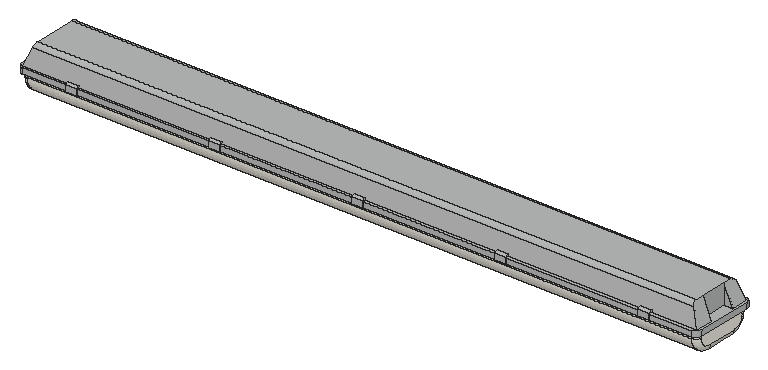
Revit family "SLIM", category Осветительные приборы, Revit 2019 (continued)
Types (5, lengths in mm): name | Файл фотометрической сетки | built-in parameter 1150142 | ADSK_Обозначение | ADSK_Наименование | ADSK_Код изделия
  CSVT SLIM-38/опал  (IP65, 5000К ) c БАП на 1 час. | "Светильник SLIM-38-opal.ies" | "IESNA:LM-63-95\r\n[TEST] Протокол № 50\r\n[DATA] 17.06.2016\r\n[MORE] \r\n[MANUFAC] ЗАО \"Центрстройсвет\"\r\n[LUMCAT]  Светильник OPERLUX-34/PRISMA-(588x588) \r\n[LUMINAIRE]\r\n[LAMPCAT] Светодиоды\r\n[LAMP] Поток источника света (светодиодов) не известен\r\n[MORE] КСС приведена в абсолютных величинах кд\r\n[MORE] Вместо потока лампы, указан поток светильника.\r\nTILT=NONE\r\n1    3050 1.0 37 73 1 2 0.588 0.588 0.08\r\n1.0 1.0 34\r\n0.0 5.0 10.0 15.0 20.0 25.0 30.0 35.0 40.0 45.0 50.0 55.0 60.0 65.0 70.0 75.0 80.0 85.0 90.0 95.0 100.0 105.0 110.0 115.0 120.0 125.0 130.0 135.0 140.0 145.0 150.0 155.0 160.0 165.0 170.0 175.0 180.0\r\n0.0 5.0 10.0 15.0 20.0 25.0 30.0 35.0 40.0 45.0 50.0 55.0 60.0 65.0 70.0 75.0 80.0 85.0 90.0 95.0 100.0 105.0 110.0 115.0 120.0 125.0 130.0 135.0 140.0 145.0 150.0 155.0 160.0 165.0 170.0 175.0 180.0 185.0 190.0 195.0 200.0 205.0 210.0 215.0 220.0 225.0 230.0 235.0 240.0 245.0 250.0 255.0 260.0 265.0 270.0 275.0 280.0 285.0 290.0 295.0 300.0 305.0 310.0 315.0 320.0 325.0 330.0 335.0 340.0 345.0 350.0 355.0 360.0\r\n1367.8 1364.1 1339.9 1310.7 1251.0 1171.4 1077.9 956.5 826.9 709.2 591.4 468.7 352.2 267.2 190.7 130.0 88.6 43.5 5.5 0.0 0.0 0.0 0.0 0.0 0.0 0.0 0.0 0.0 0.0 0.0 0.0 0.0 0.0 0.0 0.0 0.0 0.0\r\n1367.8 1365.7 1344.6 1309.2 1251.5 1175.2 1073.4 954.2 830.4 711.2 594.6 469.5 356.0 268.7 191.9 132.6 89.9 43.9 6.3 0.0 0.0 0.0 0.0 0.0 0.0 0.0 0.0 0.0 0.0 0.0 0.0 0.0 0.0 0.0 0.0 0.0 0.0\r\n1367.8 1367.4 1347.2 1302.8 1251.5 1178.6 1078.4 958.6 835.1 714.0 597.2 474.3 359.6 268.7 192.7 135.6 92.1 44.3 6.9 0.0 0.0 0.0 0.0 0.0 0.0 0.0 0.0 0.0 0.0 0.0 0.0 0.0 0.0 0.0 0.0 0.0 0.0\r\n1367.8 1368.2 1346.2 1303.1 1250.1 1177.1 1081.4 960.9 838.1 716.2 597.6 475.0 358.6 266.4 190.9 134.8 91.7 44.9 7.0 0.0 0.0 0.0 0.0 0.0 0.0 0.0 0.0 0.0 0.0 0.0 0.0 0.0 0.0 0.0 0.0 0.0 0.0\r\n1367.8 1367.7 1343.5 1306.2 1256.1 1180.0 1081.0 961.6 838.1 714.0 595.7 473.1 356.8 262.2 188.3 132.8 89.3 43.7 6.6 0.0 0.0 0.0 0.0 0.0 0.0 0.0 0.0 0.0 0.0 0.0 0.0 0.0 0.0 0.0 0.0 0.0 0.0\r\n1367.8 1366.2 1344.8 1309.0 1256.2 1184.6 1080.4 962.6 836.8 714.8 593.8 469.6 354.4 260.1 184.9 130.4 88.4 44.2 6.5 0.0 0.0 0.0 0.0 0.0 0.0 0.0 0.0 0.0 0.0 0.0 0.0 0.0 0.0 0.0 0.0 0.0 0.0\r\n1367.8 1364.3 1347.6 1312.1 1259.9 1177.4 1078.5 968.2 849.1 721.6 596.0 467.2 355.0 257.4 183.3 127.1 87.5 45.4 6.5 0.0 0.0 0.0 0.0 0.0 0.0 0.0 0.0 0.0 0.0 0.0 0.0 0.0 0.0 0.0 0.0 0.0 0.0\r\n1367.8 1363.3 1348.8 1312.0 1262.8 1181.2 1077.4 968.8 853.2 730.0 597.2 466.8 353.5 256.9 181.1 124.8 87.2 45.9 6.9 0.0 0.0 0.0 0.0 0.0 0.0 0.0 0.0 0.0 0.0 0.0 0.0 0.0 0.0 0.0 0.0 0.0 0.0\r\n1367.8 1364.0 1350.3 1308.2 1255.9 1182.2 1079.9 969.0 856.0 734.3 601.1 468.4 352.6 254.4 178.0 121.7 85.5 45.0 6.9 0.0 0.0 0.0 0.0 0.0 0.0 0.0 0.0 0.0 0.0 0.0 0.0 0.0 0.0 0.0 0.0 0.0 0.0\r\n1367.8 1364.9 1349.2 1313.0 1259.2 1178.2 1076.4 970.7 860.9 740.8 606.9 469.1 350.2 254.0 175.6 117.8 83.6 43.4 6.7 0.0 0.0 0.0 0.0 0.0 0.0 0.0 0.0 0.0 0.0 0.0 0.0 0.0 0.0 0.0 0.0 0.0 0.0\r\n1367.8 1365.0 1348.6 1315.3 1261.5 1184.1 1082.6 973.9 862.8 745.2 607.9 469.0 350.5 253.1 173.2 116.2 81.4 42.4 6.5 0.0 0.0 0.0 0.0 0.0 0.0 0.0 0.0 0.0 0.0 0.0 0.0 0.0 0.0 0.0 0.0 0.0 0.0\r\n1367.8 1364.4 1347.9 1315.3 1258.7 1186.3 1085.9 970.5 862.2 747.0 613.0 468.8 350.2 252.8 173.4 116.6 79.8 40.9 6.7 0.0 0.0 0.0 0.0 0.0 0.0 0.0 0.0 0.0 0.0 0.0 0.0 0.0 0.0 0.0 0.0 0.0 0.0\r\n1367.8 1363.4 1347.0 1308.3 1258.6 1184.3 1089.8 973.9 867.7 742.3 606.2 467.0 350.0 252.6 175.4 119.1 79.8 42.1 7.1 0.0 0.0 0.0 0.0 0.0 0.0 0.0 0.0 0.0 0.0 0.0 0.0 0.0 0.0 0.0 0.0 0.0 0.0\r\n1367.8 1362.6 1348.4 1308.2 1261.4 1190.2 1088.3 978.6 869.6 744.0 601.1 462.4 350.2 253.6 175.9 123.0 83.5 45.3 7.8 0.0 0.0 0.0 0.0 0.0 0.0 0.0 0.0 0.0 0.0 0.0 0.0 0.0 0.0 0.0 0.0 0.0 0.0\r\n1367.8 1362.3 1347.3 1311.1 1262.3 1191.1 1093.6 982.5 872.1 746.6 597.2 461.1 348.8 251.4 176.3 127.6 89.2 48.5 7.9 0.0 0.0 0.0 0.0 0.0 0.0 0.0 0.0 0.0 0.0 0.0 0.0 0.0 0.0 0.0 0.0 0.0 0.0\r\n1367.8 1362.5 1345.8 1316.1 1260.6 1190.3 1096.8 982.6 873.3 743.8 593.1 456.4 347.2 250.6 175.7 130.9 94.2 51.8 9.3 0.0 0.0 0.0 0.0 0.0 0.0 0.0 0.0 0.0 0.0 0.0 0.0 0.0 0.0 0.0 0.0 0.0 0.0\r\n1367.8 1363.2 1345.2 1315.5 1267.1 1195.5 1096.1 995.9 871.3 740.3 589.0 455.0 342.8 246.9 174.2 131.9 97.1 52.4 10.1 0.0 0.0 0.0 0.0 0.0 0.0 0.0 0.0 0.0 0.0 0.0 0.0 0.0 0.0 0.0 0.0 0.0 0.0\r\n1367.8 1364.5 1346.0 1317.2 1264.0 1194.7 1102.6 991.8 873.9 736.2 584.7 454.3 338.6 243.0 171.3 130.1 99.3 53.7 9.5 0.0 0.0 0.0 0.0 0.0 0.0 0.0 0.0 0.0 0.0 0.0 0.0 0.0 0.0 0.0 0.0 0.0 0.0\r\n1367.8 1365.9 1346.4 1317.1 1264.0 1198.2 1105.3 994.6 872.6 727.7 582.0 451.8 335.8 239.9 168.3 127.6 100.0 55.8 7.5 0.0 0.0 0.0 0.0 0.0 0.0 0.0 0.0 0.0 0.0 0.0 0.0 0.0 0.0 0.0 0.0 0.0 0.0\r\n1367.8 1366.3 1344.9 1317.5 1265.6 1200.4 1108.2 997.2 868.8 722.7 575.8 446.5 333.1 238.4 167.7 126.3 98.1 56.1 8.8 0.0 0.0 0.0 0.0 0.0 0.0 0.0 0.0 0.0 0.0 0.0 0.0 0.0 0.0 0.0 0.0 0.0 0.0\r\n1367.8 1365.9 1344.0 1313.0 1263.2 1200.6 1104.3 997.0 862.7 720.9 568.5 441.0 331.7 237.8 167.7 126.3 96.7 53.7 9.4 0.0 0.0 0.0 0.0 0.0 0.0 0.0 0.0 0.0 0.0 0.0 0.0 0.0 0.0 0.0 0.0 0.0 0.0\r\n1367.8 1365.3 1346.1 1312.6 1263.0 1198.3 1108.1 995.3 861.6 712.7 563.4 437.4 331.4 236.8 165.9 124.7 95.3 55.2 9.1 0.0 0.0 0.0 0.0 0.0 0.0 0.0 0.0 0.0 0.0 0.0 0.0 0.0 0.0 0.0 0.0 0.0 0.0\r\n1367.8 1364.9 1349.2 1313.0 1262.9 1199.0 1108.3 993.8 855.7 710.3 563.1 435.2 329.9 233.9 163.4 121.6 92.0 55.1 8.8 0.0 0.0 0.0 0.0 0.0 0.0 0.0 0.0 0.0 0.0 0.0 0.0 0.0 0.0 0.0 0.0 0.0 0.0\r\n1367.8 1364.1 1352.0 1313.2 1259.2 1197.0 1104.6 988.6 849.9 704.2 562.4 433.5 327.9 230.5 158.4 116.9 87.6 51.4 7.8 0.0 0.0 0.0 0.0 0.0 0.0 0.0 0.0 0.0 0.0 0.0 0.0 0.0 0.0 0.0 0.0 0.0 0.0\r\n1367.8 1363.0 1349.6 1313.3 1257.8 1193.2 1098.7 980.1 848.0 708.1 565.6 433.4 325.1 228.0 154.2 111.3 83.7 49.7 7.5 0.0 0.0 0.0 0.0 0.0 0.0 0.0 0.0 0.0 0.0 0.0 0.0 0.0 0.0 0.0 0.0 0.0 0.0\r\n1367.8 1361.9 1346.7 1314.1 1256.8 1193.2 1093.6 977.6 847.2 708.6 569.1 434.8 324.5 225.9 151.7 107.5 81.6 48.9 7.3 0.0 0.0 0.0 0.0 0.0 0.0 0.0 0.0 0.0 0.0 0.0 0.0 0.0 0.0 0.0 0.0 0.0 0.0\r\n1367.8 1361.2 1345.0 1309.5 1261.1 1193.3 1089.9 973.2 851.1 709.3 572.7 435.0 323.4 225.4 152.1 105.8 80.4 49.9 7.3 0.0 0.0 0.0 0.0 0.0 0.0 0.0 0.0 0.0 0.0 0.0 0.0 0.0 0.0 0.0 0.0 0.0 0.0\r\n1367.8 1360.5 1345.3 1307.2 1258.6 1186.4 1085.9 974.0 847.9 714.1 575.5 436.8 321.2 223.3 152.0 105.2 79.8 49.6 8.0 0.0 0.0 0.0 0.0 0.0 0.0 0.0 0.0 0.0 0.0 0.0 0.0 0.0 0.0 0.0 0.0 0.0 0.0\r\n1367.8 1360.0 1344.3 1308.1 1257.8 1178.2 1085.3 975.1 848.7 715.2 575.4 439.1 318.7 223.0 150.8 104.3 79.3 49.5 8.2 0.0 0.0 0.0 0.0 0.0 0.0 0.0 0.0 0.0 0.0 0.0 0.0 0.0 0.0 0.0 0.0 0.0 0.0\r\n1367.8 1360.5 1346.2 1311.6 1256.3 1174.7 1082.9 978.6 851.4 710.5 574.9 440.6 317.9 221.6 152.3 106.4 79.3 48.7 8.4 0.0 0.0 0.0 0.0 0.0 0.0 0.0 0.0 0.0 0.0 0.0 0.0 0.0 0.0 0.0 0.0 0.0 0.0\r\n1367.8 1361.9 1350.3 1309.3 1252.2 1172.6 1080.3 970.8 851.2 713.3 570.6 439.7 319.0 222.4 154.5 110.7 81.7 47.4 8.1 0.0 0.0 0.0 0.0 0.0 0.0 0.0 0.0 0.0 0.0 0.0 0.0 0.0 0.0 0.0 0.0 0.0 0.0\r\n1367.8 1363.7 1348.0 1307.6 1253.5 1171.4 1087.1 971.6 851.9 710.7 569.9 438.2 323.8 226.5 159.3 115.4 83.3 45.0 7.6 0.0 0.0 0.0 0.0 0.0 0.0 0.0 0.0 0.0 0.0 0.0 0.0 0.0 0.0 0.0 0.0 0.0 0.0\r\n1367.8 1365.3 1346.4 1312.3 1251.8 1172.7 1086.5 974.6 847.7 705.0 567.7 442.4 326.6 234.0 164.3 120.1 85.8 43.9 7.4 0.0 0.0 0.0 0.0 0.0 0.0 0.0 0.0 0.0 0.0 0.0 0.0 0.0 0.0 0.0 0.0 0.0 0.0\r\n1367.8 1366.2 1347.0 1309.1 1250.4 1170.7 1085.2 978.5 846.6 705.8 567.4 441.3 331.1 236.3 167.7 122.8 88.4 45.0 8.1 0.0 0.0 0.0 0.0 0.0 0.0 0.0 0.0 0.0 0.0 0.0 0.0 0.0 0.0 0.0 0.0 0.0 0.0\r\n1367.8 1366.0 1347.9 1306.2 1240.5 1166.7 1082.2 977.2 844.2 702.8 566.8 442.7 335.1 241.3 169.7 123.7 90.0 45.9 9.2 0.0 0.0 0.0 0.0 0.0 0.0 0.0 0.0 0.0 0.0 0.0 0.0 0.0 0.0 0.0 0.0 0.0 0.0\r\n1367.8 1364.3 1346.5 1311.7 1250.6 1170.3 1080.9 980.5 844.4 703.8 569.8 446.4 334.2 240.3 169.5 121.7 87.9 46.9 9.3 0.0 0.0 0.0 0.0 0.0 0.0 0.0 0.0 0.0 0.0 0.0 0.0 0.0 0.0 0.0 0.0 0.0 0.0\r\n1367.8 1361.6 1341.0 1307.3 1249.6 1169.2 1088.8 980.5 845.1 706.2 571.7 444.8 333.0 238.4 168.9 120.7 87.1 47.8 7.8 0.0 0.0 0.0 0.0 0.0 0.0 0.0 0.0 0.0 0.0 0.0 0.0 0.0 0.0 0.0 0.0 0.0 0.0\r\n1367.8 1359.4 1337.2 1303.3 1252.4 1170.4 1080.4 978.1 841.4 701.4 566.4 444.4 333.5 241.2 169.4 122.2 88.2 47.2 9.5 0.0 0.0 0.0 0.0 0.0 0.0 0.0 0.0 0.0 0.0 0.0 0.0 0.0 0.0 0.0 0.0 0.0 0.0\r\n1367.8 1359.3 1342.6 1310.3 1242.7 1173.0 1078.8 976.3 844.8 702.0 565.3 440.7 332.8 240.9 169.9 123.5 89.5 46.1 9.1 0.0 0.0 0.0 0.0 0.0 0.0 0.0 0.0 0.0 0.0 0.0 0.0 0.0 0.0 0.0 0.0 0.0 0.0\r\n1367.8 1361.3 1345.4 1306.4 1248.2 1167.7 1080.4 980.5 846.8 703.5 567.2 443.4 333.2 240.2 168.7 123.1 88.4 46.2 8.4 0.0 0.0 0.0 0.0 0.0 0.0 0.0 0.0 0.0 0.0 0.0 0.0 0.0 0.0 0.0 0.0 0.0 0.0\r\n1367.8 1364.4 1343.1 1308.2 1251.3 1170.9 1084.2 980.8 848.5 707.7 571.1 445.6 332.7 238.1 167.5 120.7 85.6 44.6 7.7 0.0 0.0 0.0 0.0 0.0 0.0 0.0 0.0 0.0 0.0 0.0 0.0 0.0 0.0 0.0 0.0 0.0 0.0\r\n1367.8 1366.7 1342.9 1310.2 1254.3 1176.8 1087.8 981.7 853.4 711.9 574.2 446.0 329.4 232.8 162.6 116.6 83.7 45.3 8.1 0.0 0.0 0.0 0.0 0.0 0.0 0.0 0.0 0.0 0.0 0.0 0.0 0.0 0.0 0.0 0.0 0.0 0.0\r\n1367.8 1367.7 1346.5 1310.6 1258.1 1183.1 1085.5 978.6 854.1 714.2 577.9 448.7 327.1 229.4 158.3 112.1 82.0 47.9 9.0 0.0 0.0 0.0 0.0 0.0 0.0 0.0 0.0 0.0 0.0 0.0 0.0 0.0 0.0 0.0 0.0 0.0 0.0\r\n1367.8 1367.3 1348.0 1310.6 1262.6 1180.1 1086.5 982.6 856.7 719.8 579.9 448.7 324.7 226.8 155.7 107.8 80.3 50.1 9.5 0.0 0.0 0.0 0.0 0.0 0.0 0.0 0.0 0.0 0.0 0.0 0.0 0.0 0.0 0.0 0.0 0.0 0.0\r\n1367.8 1365.6 1348.6 1309.9 1259.0 1186.0 1089.0 979.4 855.0 722.2 584.2 450.5 325.6 227.6 155.8 107.2 80.5 51.4 9.6 0.0 0.0 0.0 0.0 0.0 0.0 0.0 0.0 0.0 0.0 0.0 0.0 0.0 0.0 0.0 0.0 0.0 0.0\r\n1367.8 1363.3 1347.7 1306.8 1261.1 1190.7 1095.5 982.3 860.8 723.2 585.7 446.3 327.8 230.3 158.2 109.3 81.7 51.4 9.3 0.0 0.0 0.0 0.0 0.0 0.0 0.0 0.0 0.0 0.0 0.0 0.0 0.0 0.0 0.0 0.0 0.0 0.0\r\n1367.8 1361.0 1344.4 1306.7 1264.4 1191.7 1095.0 984.8 858.7 723.1 583.6 444.8 328.4 232.3 158.6 109.9 81.8 51.7 9.0 0.0 0.0 0.0 0.0 0.0 0.0 0.0 0.0 0.0 0.0 0.0 0.0 0.0 0.0 0.0 0.0 0.0 0.0\r\n1367.8 1359.1 1344.3 1308.4 1263.8 1198.1 1102.2 989.8 861.5 721.8 582.8 444.8 331.3 233.7 158.6 111.1 83.0 50.9 8.9 0.0 0.0 0.0 0.0 0.0 0.0 0.0 0.0 0.0 0.0 0.0 0.0 0.0 0.0 0.0 0.0 0.0 0.0\r\n1367.8 1357.8 1346.5 1313.8 1263.6 1192.7 1107.0 996.3 859.5 718.8 579.1 442.9 332.1 234.9 160.7 114.1 84.6 51.0 9.2 0.0 0.0 0.0 0.0 0.0 0.0 0.0 0.0 0.0 0.0 0.0 0.0 0.0 0.0 0.0 0.0 0.0 0.0\r\n1367.8 1357.7 1347.3 1313.2 1264.3 1198.9 1108.1 998.6 864.9 718.7 573.2 441.1 332.1 237.8 164.0 118.2 87.5 52.0 9.8 0.0 0.0 0.0 0.0 0.0 0.0 0.0 0.0 0.0 0.0 0.0 0.0 0.0 0.0 0.0 0.0 0.0 0.0\r\n1367.8 1358.5 1346.9 1313.1 1266.5 1195.6 1112.2 1002.8 870.4 722.5 574.7 443.8 335.7 239.1 166.4 121.6 91.2 55.8 10.9 0.0 0.0 0.0 0.0 0.0 0.0 0.0 0.0 0.0 0.0 0.0 0.0 0.0 0.0 0.0 0.0 0.0 0.0\r\n1367.8 1359.8 1344.7 1312.9 1269.5 1203.1 1107.5 1002.6 874.5 724.4 574.3 444.8 335.5 240.3 169.6 124.4 94.2 56.9 11.6 0.0 0.0 0.0 0.0 0.0 0.0 0.0 0.0 0.0 0.0 0.0 0.0 0.0 0.0 0.0 0.0 0.0 0.0\r\n1367.8 1361.7 1344.5 1316.7 1266.1 1199.3 1111.1 1004.7 879.7 733.6 577.6 446.7 337.8 241.2 168.7 126.0 96.3 56.5 11.7 0.0 0.0 0.0 0.0 0.0 0.0 0.0 0.0 0.0 0.0 0.0 0.0 0.0 0.0 0.0 0.0 0.0 0.0\r\n1367.8 1363.9 1346.7 1316.2 1265.7 1198.1 1117.1 1006.7 882.1 737.2 586.5 450.4 338.9 242.3 167.8 125.5 98.6 58.1 10.5 0.0 0.0 0.0 0.0 0.0 0.0 0.0 0.0 0.0 0.0 0.0 0.0 0.0 0.0 0.0 0.0 0.0 0.0\r\n1367.8 1365.2 1345.4 1319.5 1265.7 1198.8 1109.1 1003.5 876.9 742.6 589.1 456.4 341.1 242.1 167.5 126.8 100.2 57.9 8.8 0.0 0.0 0.0 0.0 0.0 0.0 0.0 0.0 0.0 0.0 0.0 0.0 0.0 0.0 0.0 0.0 0.0 0.0\r\n1367.8 1365.0 1345.2 1312.9 1265.8 1199.0 1109.7 999.6 877.6 742.6 595.8 457.7 342.1 245.3 170.4 128.5 99.0 56.9 11.0 0.0 0.0 0.0 0.0 0.0 0.0 0.0 0.0 0.0 0.0 0.0 0.0 0.0 0.0 0.0 0.0 0.0 0.0\r\n1367.8 1364.1 1347.9 1311.6 1271.1 1195.3 1102.7 998.9 881.1 745.5 597.2 460.9 345.1 248.6 174.0 129.7 96.5 55.6 11.2 0.0 0.0 0.0 0.0 0.0 0.0 0.0 0.0 0.0 0.0 0.0 0.0 0.0 0.0 0.0 0.0 0.0 0.0\r\n1367.8 1363.0 1347.3 1314.0 1269.6 1192.3 1104.9 991.5 878.3 748.8 603.5 463.3 348.1 251.3 177.2 130.4 94.2 55.0 10.3 0.0 0.0 0.0 0.0 0.0 0.0 0.0 0.0 0.0 0.0 0.0 0.0 0.0 0.0 0.0 0.0 0.0 0.0\r\n1367.8 1362.4 1346.2 1314.7 1264.3 1194.7 1094.8 992.0 878.4 749.1 608.2 465.6 349.4 252.9 177.2 127.6 90.1 51.7 8.7 0.0 0.0 0.0 0.0 0.0 0.0 0.0 0.0 0.0 0.0 0.0 0.0 0.0 0.0 0.0 0.0 0.0 0.0\r\n1367.8 1362.7 1348.0 1314.5 1265.5 1196.6 1094.9 983.4 872.0 752.6 609.3 469.0 352.6 254.1 177.1 125.0 85.8 47.2 8.1 0.0 0.0 0.0 0.0 0.0 0.0 0.0 0.0 0.0 0.0 0.0 0.0 0.0 0.0 0.0 0.0 0.0 0.0\r\n1367.8 1362.9 1347.6 1317.1 1264.6 1191.1 1090.4 981.6 868.8 748.7 612.1 472.2 352.0 253.6 176.2 121.4 83.1 43.4 6.9 0.0 0.0 0.0 0.0 0.0 0.0 0.0 0.0 0.0 0.0 0.0 0.0 0.0 0.0 0.0 0.0 0.0 0.0\r\n1367.8 1362.5 1343.6 1318.7 1268.8 1192.3 1085.5 974.5 866.1 750.5 612.3 472.0 350.7 253.1 174.7 119.5 83.2 43.3 6.3 0.0 0.0 0.0 0.0 0.0 0.0 0.0 0.0 0.0 0.0 0.0 0.0 0.0 0.0 0.0 0.0 0.0 0.0\r\n1367.8 1362.1 1341.3 1317.3 1267.8 1185.0 1082.2 972.1 864.2 747.6 611.4 473.0 350.1 254.2 174.7 118.9 84.4 45.4 6.1 0.0 0.0 0.0 0.0 0.0 0.0 0.0 0.0 0.0 0.0 0.0 0.0 0.0 0.0 0.0 0.0 0.0 0.0\r\n1367.8 1362.2 1343.6 1308.9 1260.0 1189.4 1084.9 971.7 859.6 740.4 606.9 470.8 351.4 253.9 176.6 120.3 86.5 45.9 6.5 0.0 0.0 0.0 0.0 0.0 0.0 0.0 0.0 0.0 0.0 0.0 0.0 0.0 0.0 0.0 0.0 0.0 0.0\r\n1367.8 1363.0 1342.9 1314.5 1263.9 1184.9 1081.6 971.9 853.4 735.2 605.3 467.7 352.3 254.8 180.1 122.7 87.8 46.6 6.8 0.0 0.0 0.0 0.0 0.0 0.0 0.0 0.0 0.0 0.0 0.0 0.0 0.0 0.0 0.0 0.0 0.0 0.0\r\n1367.8 1364.3 1340.2 1313.1 1261.0 1182.5 1084.4 971.4 852.3 730.7 600.0 466.2 354.3 255.8 181.2 124.6 88.4 46.8 6.6 0.0 0.0 0.0 0.0 0.0 0.0 0.0 0.0 0.0 0.0 0.0 0.0 0.0 0.0 0.0 0.0 0.0 0.0\r\n1367.8 1365.9 1343.5 1308.2 1258.3 1181.3 1083.1 966.4 845.6 721.0 594.9 467.0 352.2 259.1 183.4 126.7 88.1 45.4 6.1 0.0 0.0 0.0 0.0 0.0 0.0 0.0 0.0 0.0 0.0 0.0 0.0 0.0 0.0 0.0 0.0 0.0 0.0\r\n1367.8 1366.3 1345.1 1308.7 1254.7 1177.8 1080.9 969.9 838.6 714.9 593.4 465.7 351.7 258.6 185.5 129.6 88.1 44.0 5.9 0.0 0.0 0.0 0.0 0.0 0.0 0.0 0.0 0.0 0.0 0.0 0.0 0.0 0.0 0.0 0.0 0.0 0.0\r\n1367.8 1364.5 1343.2 1306.3 1248.4 1177.3 1082.4 962.7 833.3 713.0 595.0 468.9 352.8 260.9 187.3 132.3 88.7 43.5 6.0 0.0 0.0 0.0 0.0 0.0 0.0 0.0 0.0 0.0 0.0 0.0 0.0 0.0 0.0 0.0 0.0 0.0 0.0\r\n1367.8 1362.4 1346.0 1305.7 1255.8 1170.9 1078.4 956.8 832.7 709.6 592.6 470.6 355.6 263.8 189.2 133.7 90.3 44.0 6.3 0.0 0.0 0.0 0.0 0.0 0.0 0.0 0.0 0.0 0.0 0.0 0.0 0.0 0.0 0.0 0.0 0.0 0.0\r\n1367.8 1362.0 1346.8 1311.0 1252.6 1177.3 1074.5 958.3 825.6 709.7 591.0 467.7 356.3 264.6 188.4 133.0 90.3 43.3 6.2 0.0 0.0 0.0 0.0 0.0 0.0 0.0 0.0 0.0 0.0 0.0 0.0 0.0 0.0 0.0 0.0 0.0 0.0\r\n1367.8 1363.0 1341.5 1311.3 1242.3 1175.5 1082.4 953.9 818.8 707.4 591.0 466.6 352.5 265.4 188.6 130.9 89.0 43.1 6.3 0.0 0.0 0.0 0.0 0.0 0.0 0.0 0.0 0.0 0.0 0.0 0.0 0.0 0.0 0.0 0.0 0.0 0.0\r\n1367.8 1364.1 1339.9 1310.7 1251.0 1171.4 1077.9 956.5 826.9 709.2 591.4 468.7 352.2 267.2 190.7 130.0 88.6 43.5 5.5 0.0 0.0 0.0 0.0 0.0 0.0 0.0 0.0 0.0 0.0 0.0 0.0 0.0 0.0 0.0 0.0 0.0 0.0\r\n" | "CSVT SLIM-38/опал  (IP65, 5000К )" | "Светодиодный пылевлагозащищенный светильник CSVT SLIM-38/опал  (IP65, 5000К ) c БАП на 1 час." | "ЦБ000008832"
